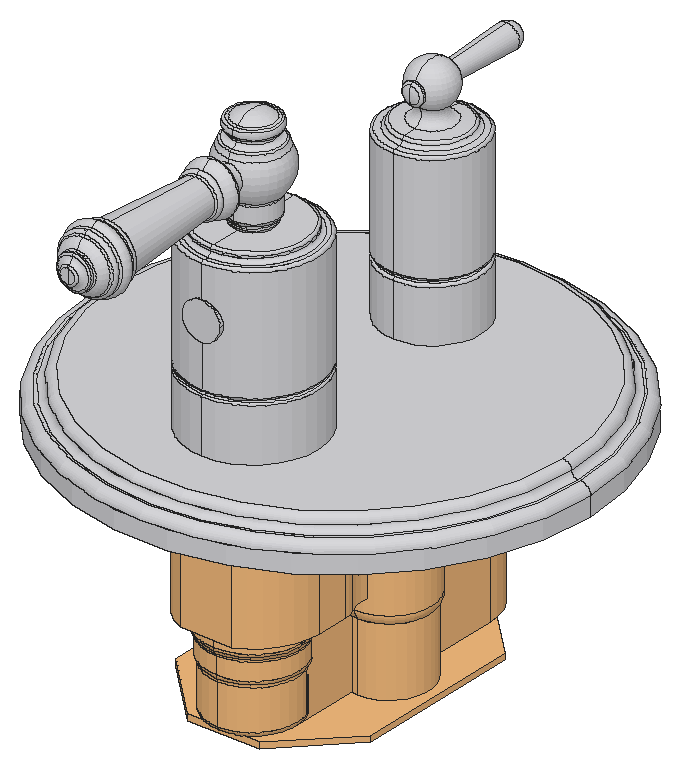
Revit family "Shower-Valve_Trim-KOHLER-Artifacts-72820W_1", category Plumbing Fixtures, host Face, Revit 2017 (continued)
Definition of nested family "72820W"
  Lines and regions (in)
    symbolic lines, detail levels medium+fine
      curve 84: line (3.27196, 0, 0.48312) -> (-3.27196, 0, 0.48312)
      curve 85: line (0.90625, 0, 0.59247) -> (-0.90625, 0, 0.59247)
      curve 86: line (0.90625, 0, 1.33652) -> (-0.90625, 0, 1.33652)
      curve 87: line (0.81768, 0, 1.35641) -> (-0.81768, 0, 1.35641)
      curve 88: line (0.81768, 0, 1.4036) -> (0.5894, 0, 1.4036)
      curve 89: line (0.90625, 0, 1.42354) -> (-0.90625, 0, 1.42354)
      curve 90: line (0.90625, 0, 3.01961) -> (0.523, 0, 3.01961)
      curve 91: line (0.80245, 0, 3.0572) -> (0.50541, 0, 3.0572)
      curve 92: line (0.7484, 0, 3.11124) -> (0.23949, 0, 3.11124)
      curve 93: line (0.7484, 0, 3.14238) -> (0.21116, 0, 3.14238)
      curve 94: line (0.27091, 0, 3.17531) -> (0.19567, 0, 3.17531)
      curve 95: circle (0, 0, 3.53543) r 0.17864 normal (0, -1, 0)
      curve 96: line (0.6875, 0, 0.59247) -> (0.6875, 0, 1.33652)
      curve 97: line (0.5894, 0, 1.40759) -> (0.67165, 0, 1.40759)
      curve 98: line (0.6875, 0, 1.42344) -> (0.6875, 0, 2.93035)
      curve 99: line (0.5894, 0, 1.40759) -> (0.5894, 0, 1.35641)
      curve 100: arc (0.67165, 0, 1.40759) -> (0.68286, 0, 1.41223) -> (0.6875, 0, 1.42344) r 0.01585
      curve 101: line (0.65594, 0, 2.96705) -> (0.57008, 0, 2.98006)
      curve 102: line (0.48692, 0, 3.0644) -> (0.30793, 0, 3.08322)
      curve 103: arc (0.6875, 0, 2.93035) -> (0.67853, 0, 2.95455) -> (0.65594, 0, 2.96705) r 0.03712
      curve 104: arc (0.57008, 0, 2.98006) -> (0.54098, 0, 2.99322) -> (0.523, 0, 3.01961) r 0.05899
      curve 105: arc (0.52034, 0, 3.03143) -> (0.51554, 0, 3.04586) -> (0.50541, 0, 3.0572) r 0.03761
      curve 106: arc (0.30793, 0, 3.08322) -> (0.27171, 0, 3.09234) -> (0.23949, 0, 3.11124) r 0.13202
      curve 107: arc (0.23949, 0, 3.11124) -> (0.22407, 0, 3.12568) -> (0.21116, 0, 3.14238) r 0.13202
      curve 108: arc (0.21116, 0, 3.14238) -> (0.19824, 0, 3.16784) -> (0.19109, 0, 3.19548) r 0.13202
      curve 109: arc (0.523, 0, 3.01961) -> (0.52137, 0, 3.02546) -> (0.52034, 0, 3.03143) r 0.05899
      curve 110: arc (0.50541, 0, 3.0572) -> (0.49665, 0, 3.06204) -> (0.48692, 0, 3.0644) r 0.03761
      curve 111: line (-0.6875, 0, 0.59247) -> (-0.6875, 0, 1.33643)
      curve 112: line (-0.5894, 0, 1.40759) -> (-0.67135, 0, 1.40759)
      curve 113: line (-0.6875, 0, 1.42374) -> (-0.6875, 0, 2.93035)
      curve 114: line (-0.5894, 0, 1.40759) -> (-0.5894, 0, 1.35641)
      curve 115: arc (-0.67135, 0, 1.40759) -> (-0.68277, 0, 1.41232) -> (-0.6875, 0, 1.42374) r 0.01615
      curve 116: line (-0.65594, 0, 2.96705) -> (-0.57008, 0, 2.98006)
      curve 117: line (-0.48692, 0, 3.0644) -> (-0.30793, 0, 3.08322)
      curve 118: arc (-0.6875, 0, 2.93035) -> (-0.67853, 0, 2.95455) -> (-0.65594, 0, 2.96705) r 0.03712
      curve 119: arc (-0.57008, 0, 2.98006) -> (-0.54098, 0, 2.99322) -> (-0.523, 0, 3.01961) r 0.05899
      curve 120: arc (-0.52034, 0, 3.03143) -> (-0.51554, 0, 3.04586) -> (-0.50541, 0, 3.0572) r 0.03761
      curve 121: arc (-0.30793, 0, 3.08322) -> (-0.27171, 0, 3.09234) -> (-0.23949, 0, 3.11124) r 0.13202
      curve 122: arc (-0.23949, 0, 3.11124) -> (-0.22407, 0, 3.12568) -> (-0.21116, 0, 3.14238) r 0.13202
      curve 123: arc (-0.21116, 0, 3.14238) -> (-0.20227, 0, 3.15831) -> (-0.19567, 0, 3.17531) r 0.13202
      curve 124: arc (-0.523, 0, 3.01961) -> (-0.52137, 0, 3.02546) -> (-0.52034, 0, 3.03143) r 0.05899
      curve 125: arc (-0.50541, 0, 3.0572) -> (-0.49665, 0, 3.06204) -> (-0.48692, 0, 3.0644) r 0.03761
      curve 126: line (0.5894, 0, 1.40759) -> (-0.5894, 0, 1.40759)
      curve 127: line (-0.81768, 0, 1.4036) -> (-0.5894, 0, 1.4036)
      curve 128: line (-0.90625, 0, 3.01961) -> (-0.523, 0, 3.01961)
      curve 129: line (-0.80245, 0, 3.0572) -> (-0.50541, 0, 3.0572)
      curve 130: line (-0.7484, 0, 3.11124) -> (-0.23949, 0, 3.11124)
      curve 131: line (-0.7484, 0, 3.14238) -> (-0.21116, 0, 3.14238)
      curve 132: line (0.3065, 0, 4.48586) -> (-0.3065, 0, 4.48586)
      curve 133: line (0.32752, 0, 4.35413) -> (-0.32752, 0, 4.35413)
      curve 134: line (0.37527, 0, 4.23542) -> (-0.37527, 0, 4.23542)
      curve 135: line (0.34057, 0, 3.3095) -> (0.23004, 0, 3.3095)
      curve 136: line (-0.34057, 0, 3.3095) -> (-0.23004, 0, 3.3095)
      curve 137: line (-0.27091, 0, 3.17531) -> (-0.19567, 0, 3.17531)
      curve 138: line (0.6875, 0, 2.93035) -> (-0.6875, 0, 2.93035)
      curve 139: line (0.57008, 0, 2.98006) -> (-0.57008, 0, 2.98006)
      curve 140: line (0.52034, 0, 3.03143) -> (-0.52034, 0, 3.03143)
      curve 141: line (0.30793, 0, 3.08322) -> (-0.30793, 0, 3.08322)
      curve 142: line (0.8075, 0, -3.01252) -> (0.8075, 0, -0.86614)
      curve 143: line (0.74744, 0, -0.62446) -> (0.74744, 0, -0.86614)
      curve 144: spline (0.78893, 0, -0.57006) -> (0.7844, 0, -0.57247) -> (0.77997, 0, -0.57534) -> (0.77568, 0, -0.57867) -> (0.77155, 0, -0.58243) -> (0.76761, 0, -0.5866) -> (0.76389, 0, -0.59115) -> (0.76041, 0, -0.59604) -> (0.7572, 0, -0.60124) -> (0.75428, 0, -0.60673) -> (0.75167, 0, -0.61245) -> (0.74938, 0, -0.61838) -> (0.74744, 0, -0.62446)
      curve 145: line (0.78893, 0, -0.57006) -> (0.6875, 0, -0.57006)
      curve 146: line (0.31178, 0, -3.01252) -> (0.31178, 0, -0.86614)
      curve 147: line (0.8075, 0, -0.86614) -> (-0.8075, 0, -0.86614)
      curve 148: line (-1.24302, 0, -3.01252) -> (1.24302, 0, -3.01252)
      curve 149: line (1.2936, 0, -1.22986) -> (0.8075, 0, -1.22986)
      curve 150: line (1.24302, 0, -2.04881) -> (0.8075, 0, -2.04881)
      curve 151: line (0.6875, 0, -0.86614) -> (0.6875, 0, -0.08678)
      curve 152: line (0.73605, 0, -0.54415) -> (0.6875, 0, -0.54415)
      curve 153: line (0.74252, 0, -0.4529) -> (0.6875, 0, -0.4529)
      curve 154: line (-0.8075, 0, -3.01252) -> (-0.8075, 0, -0.86614)
      curve 155: line (-0.74744, 0, -0.62446) -> (-0.74744, 0, -0.86614)
      curve 156: spline (-0.78893, 0, -0.57006) -> (-0.7844, 0, -0.57247) -> (-0.77997, 0, -0.57534) -> (-0.77568, 0, -0.57867) -> (-0.77155, 0, -0.58243) -> (-0.76761, 0, -0.5866) -> (-0.76389, 0, -0.59115) -> (-0.76041, 0, -0.59604) -> (-0.7572, 0, -0.60124) -> (-0.75428, 0, -0.60673) -> (-0.75167, 0, -0.61245) -> (-0.74938, 0, -0.61838) -> (-0.74744, 0, -0.62446)
      curve 157: line (-0.78893, 0, -0.57006) -> (-0.6875, 0, -0.57006)
      curve 158: line (-0.31178, 0, -3.01252) -> (-0.31178, 0, -0.86614)
      curve 159: line (-1.2936, 0, -1.22986) -> (-0.8075, 0, -1.22986)
      curve 160: line (-1.24302, 0, -2.04881) -> (-0.8075, 0, -2.04881)
      curve 161: line (-0.73605, 0, -0.54415) -> (-0.6875, 0, -0.54415)
      curve 162: line (-0.74252, 0, -0.4529) -> (-0.6875, 0, -0.4529)
      curve 163: line (-0.6875, 0, -0.86614) -> (-0.6875, 0, -0.08678)
      curve 164: line (0.48257, 0, -3.09375) -> (0.48257, 0, -3.01252)
      curve 165: line (-0.48174, 0, -3.09375) -> (-0.48174, 0, -3.01252)
      curve 166: line (-0.32931, -3.51586, 0) -> (-0.26181, -2.55069, 0)
      curve 167: arc (-0.26, -2.42488, 0) -> (-0.30923, -2.46412, 0) -> (-0.28042, -2.52009, 0) r 0.04965
      curve 168: arc (-0.26181, -2.55069, 0) -> (-0.26625, -2.53243, 0) -> (-0.28042, -2.52009, 0) r 0.031
      curve 169: arc (-0.19373, -1.98147, 0) -> (-0.20558, -2.07631, 0) -> (-0.25118, -2.16032, 0) r 0.25772
      curve 170: arc (-0.26, -2.42488, 0) -> (-0.29675, -2.40435, 0) -> (-0.32794, -2.37608, 0) r 0.1862
      curve 171: arc (-0.35768, -2.23775, 0) -> (-0.36998, -2.24777, 0) -> (-0.37405, -2.26309, 0) r 0.02571
      curve 172: line (0.32931, -3.51586, 0) -> (0.26181, -2.55069, 0)
      curve 173: arc (0.26, -2.42488, 0) -> (0.30923, -2.46412, 0) -> (0.28042, -2.52009, 0) r 0.04965
      curve 174: arc (0.26181, -2.55069, 0) -> (0.26625, -2.53243, 0) -> (0.28042, -2.52009, 0) r 0.031
      curve 175: arc (0.19373, -1.98147, 0) -> (0.20558, -2.07631, 0) -> (0.25118, -2.16032, 0) r 0.25772
      curve 176: arc (0.26, -2.42488, 0) -> (0.29675, -2.40435, 0) -> (0.32794, -2.37608, 0) r 0.1862
      curve 177: arc (0.35768, -2.23775, 0) -> (0.36998, -2.24777, 0) -> (0.37405, -2.26309, 0) r 0.02571
      curve 178: arc (0.19373, -1.98147, 0) -> (0, -1.04112, 0) -> (-0.19373, -1.98147, 0) r 0.49013
      curve 179: circle (0, -1.53125, 0) r 0.35879 normal (0, 0, 1)
      curve 180: arc (0.31066, -2.21369, 0) -> (0, -0.78143, 0) -> (-0.31066, -2.21369, 0) r 0.74982
      curve 181: arc (0.32794, -2.37608, 0) -> (0, -0.625, 0) -> (-0.32794, -2.37608, 0) r 0.90625
      curve 182: line (-0.19373, -1.98147, 0) -> (0.19373, -1.98147, 0)
      curve 183: line (-0.26, -2.42488, 0) -> (0.26, -2.42488, 0)
      curve 184: line (0.17855, 2.93067, 0) -> (0.12585, 1.92501, 0)
      curve 185: arc (0.11979, 1.25059, 0) -> (0.06104, 1.23302, 0) -> (0, 1.22709, 0) r 0.31705
      curve 186: arc (0.15304, 1.28326, 0) -> (0.13964, 1.26365, 0) -> (0.11979, 1.25059, 0) r 0.06141
      curve 187: arc (0.14158, 1.31937, 0) -> (0.15402, 1.30345, 0) -> (0.15304, 1.28326, 0) r 0.02899
      curve 188: arc (0.13351, 1.32832, 0) -> (0.1369, 1.32327, 0) -> (0.14158, 1.31937, 0) r 0.02135
      curve 189: arc (0.13351, 1.32832, 0) -> (0.32531, 1.62918, 0) -> (0.12585, 1.92501, 0) r 0.32534
      curve 190: line (-0.17855, 2.93067, 0) -> (-0.12585, 1.92501, 0)
      curve 191: arc (-0.11979, 1.25059, 0) -> (-0.06104, 1.23302, 0) -> (0, 1.22709, 0) r 0.31705
      curve 192: arc (-0.15304, 1.28326, 0) -> (-0.13964, 1.26365, 0) -> (-0.11979, 1.25059, 0) r 0.06141
      curve 193: arc (-0.14158, 1.31937, 0) -> (-0.15402, 1.30345, 0) -> (-0.15304, 1.28326, 0) r 0.02899
      curve 194: arc (-0.13351, 1.32832, 0) -> (-0.1369, 1.32327, 0) -> (-0.14158, 1.31937, 0) r 0.02135
      curve 195: arc (-0.12585, 1.92501, 0) -> (-0.32531, 1.62918, 0) -> (-0.13351, 1.32832, 0) r 0.32534
      curve 196: line (-0.12585, 1.92501, 0) -> (0.12585, 1.92501, 0)
      curve 197: line (-0.13351, 1.32832, 0) -> (0.13351, 1.32832, 0)
      curve 198: arc (0.32235, -3.41637, 0) -> (0, 3.43154, 0) -> (-0.32235, -3.41637, 0) r 3.43154
      curve 199: arc (0.32616, -3.47085, 0) -> (0, 3.48614, 0) -> (-0.32616, -3.47085, 0) r 3.48614
      curve 200: arc (0.32068, -3.39245, 0) -> (0, 3.40757, 0) -> (-0.32068, -3.39245, 0) r 3.40757
      curve 201: arc (0.25118, -2.16032, 0) -> (0, -0.85389, 0) -> (-0.25118, -2.16032, 0) r 0.67736
      curve 202: arc (-0.14013, 2.1975, 0) -> (0, 1.0356, 0) -> (0.14013, 2.1975, 0) r 0.5894
      curve 203: arc (-0.13669, 2.13192, 0) -> (0, 1.09997, 0) -> (0.13669, 2.13192, 0) r 0.52503
      curve 204: line (-0.26181, -2.55069, 0) -> (0.26181, -2.55069, 0)
      curve 205: line (-0.38776, -4.10097, 0) -> (0.38776, -4.10097, 0)
      curve 206: line (-0.36841, -4.07503, 0) -> (0.36841, -4.07503, 0)
      curve 207: line (-0.41347, -4.1726, 0) -> (0.41347, -4.1726, 0)
      curve 208: line (-0.42374, -4.2138, 0) -> (0.42374, -4.2138, 0)
      curve 209: line (-0.42248, -4.38283, 0) -> (0.42248, -4.38283, 0)
      curve 210: line (-0.41298, -4.42258, 0) -> (0.41298, -4.42258, 0)
      curve 211: line (-0.3856, -4.49516, 0) -> (0.3856, -4.49516, 0)
      curve 212: line (-0.36349, -4.51633, 0) -> (0.36349, -4.51633, 0)
      curve 213: line (-0.24038, -4.66467, 0) -> (0.24038, -4.66467, 0)
      curve 214: line (-0.24038, -4.69653, 0) -> (0.24038, -4.69653, 0)
      curve 215: line (-0.12809, -4.81142, 0) -> (0.12805, -4.81235, 0)
      curve 216: line (-0.25608, -4.63911, 0) -> (0.25608, -4.63911, 0)
      curve 217: line (-0.14158, 1.31937, 0) -> (0.14158, 1.31937, 0)
      curve 218: arc (-0.17855, 2.93067, 0) -> (-0.13034, 3.06509, 0) -> (-0.00071, 3.125, 0) r 0.18478
      curve 219: arc (-0.00071, 3.125, 0) -> (0.1336, 3.06904, 0) -> (0.17855, 2.93067, 0) r 0.17415
      curve 220: arc (0.6875, 0, 1.33652) -> (0.68062, 0, 1.35165) -> (0.6647, 0, 1.35641) r 0.02008
      curve 221: arc (-0.6875, 0, 1.33643) -> (-0.67979, 0, 1.35245) -> (-0.66246, 0, 1.35641) r 0.02049
      curve 222: line (0, -1.87182, 3.31136) -> (0, -1.19068, 3.31136)
      curve 223: line (-0.29108, 0, 3.22899) -> (-0.19051, 0, 3.22899)
      curve 224: line (-0.29108, 0, 3.19548) -> (-0.19109, 0, 3.19548)
      curve 225: line (0.29108, 0, 3.22899) -> (0.19051, 0, 3.22899)
      curve 226: line (0.29108, 0, 3.19548) -> (0.19109, 0, 3.19548)
      curve 227: arc (0.19109, 0, 3.19548) -> (0.18973, 0, 3.21221) -> (0.19051, 0, 3.22899) r 0.13202
      curve 228: arc (0.19051, 0, 3.22899) -> (0.20323, 0, 3.2727) -> (0.23004, 0, 3.3095) r 0.13202
      curve 229: arc (-0.19051, 0, 3.22899) -> (-0.20323, 0, 3.2727) -> (-0.23004, 0, 3.3095) r 0.13202
      curve 230: arc (-0.19109, 0, 3.19548) -> (-0.18973, 0, 3.21221) -> (-0.19051, 0, 3.22899) r 0.13202
      curve 231: arc (-0.19567, 0, 3.17531) -> (-0.19298, 0, 3.1853) -> (-0.19109, 0, 3.19548) r 0.13202
      curve 232: line (0, 2.3125, -0.08678) -> (0, 0.9375, -0.08678)
      curve 233: line (0, -0.68034, -0.08678) -> (0, -2.38216, -0.08678)
      curve 234: arc (0, -2.4375, 2.59952) -> (0, -2.42101, 2.30909) -> (0, -2.4375, 2.01866) r 2.56565
      curve 235: arc (0.32794, -2.37608, 0) -> (0.36051, -2.32347, 0) -> (0.37405, -2.26309, 0) r 0.1862
      curve 236: arc (0.31066, -2.21369, 0) -> (0.33355, -2.22692, 0) -> (0.35768, -2.23775, 0) r 0.25772
      curve 237: arc (0.25118, -2.16032, 0) -> (0.27884, -2.18932, 0) -> (0.31066, -2.21369, 0) r 0.25772
      curve 238: arc (-0.25118, -2.16032, 0) -> (-0.27884, -2.18932, 0) -> (-0.31066, -2.21369, 0) r 0.25772
      curve 239: arc (-0.31066, -2.21369, 0) -> (-0.33355, -2.22692, 0) -> (-0.35768, -2.23775, 0) r 0.25772
      curve 240: arc (-0.32794, -2.37608, 0) -> (-0.36051, -2.32347, 0) -> (-0.37405, -2.26309, 0) r 0.1862
      curve 241: arc (0.6875, 1.625, 0) -> (0.48614, 1.13886, 0) -> (0, 0.9375, 0) r 0.6875
      curve 242: arc (0, 0.9375, 0) -> (-0.48614, 1.13886, 0) -> (-0.6875, 1.625, 0) r 0.6875
      curve 243: arc (-0.6875, 1.625, 0) -> (-0.53506, 2.0567, 0) -> (-0.14534, 2.29696, 0) r 0.6875
      curve 244: arc (0.6875, 1.625, 0) -> (0.53506, 2.0567, 0) -> (0.14534, 2.29696, 0) r 0.6875
      curve 252: line (0.85107, 0, -0.08678) -> (-0.85107, 0, -0.08678)
      curve 253: line (0, 1.85475, 3.31108) -> (0, 1.39525, 3.31108)
      curve 254: line (0, -1.19068, 3.53618) -> (0, -1.87182, 3.53618)
      curve 255: line (-0.30935, 0, 3.53544) -> (-0.34058, 0, 3.53544)
      curve 256: line (0.30935, 0, 3.53544) -> (0.34058, 0, 3.53544)
      curve 257: arc (0, 0, 3.84375) -> (0.2147, 0, 3.74983) -> (0.30935, 0, 3.53544) r 0.32292
      curve 258: arc (0.30935, 0, 3.53544) -> (0.29154, 0, 3.41481) -> (0.23004, 0, 3.3095) r 0.32117
      curve 259: arc (-0.30935, 0, 3.53544) -> (-0.22211, 0, 3.75726) -> (0, 0, 3.84375) r 0.29736
      curve 260: arc (-0.23004, 0, 3.3095) -> (-0.28676, 0, 3.41648) -> (-0.30935, 0, 3.53544) r 0.40528
    symbolic lines, detail levels coarse
      curve 245: line (0.44954, 0, -1.43959) -> (0.44954, 0, -1.76885)
      curve 246: line (-0.44954, 0, -1.43959) -> (-0.44954, 0, -1.76885)
      curve 247: line (0.44954, 0, -1.76885) -> (-0.44954, 0, -1.43959)
      curve 248: line (0.44954, 0, -1.43959) -> (-0.44954, 0, -1.76885)
      curve 249: line (0, 0, -1.60422) -> (0, 0, -2.10422)
      curve 250: line (-0.31178, 0, -2.10422) -> (0.31178, 0, -2.10422)
      curve 251: arc (0.31178, 0, -2.10422) -> (0, 0, -2.27541) -> (-0.31178, 0, -2.10422) r 0.36952
  Dimensions and locks (in)
    locked: plane 8 to plane 2 at 0.5925
    locked: plane 9 to plane 2 at 3.90554
    locked: plane 10 to plane 2 at 4.59375
    locked: plane 12 to plane 11 at 3.15625
    plane 11 to plane 13 = 3.30709"
    locked: plane 14 to plane 12 at 1.49606
    aligned and locked: plane 2 to level
